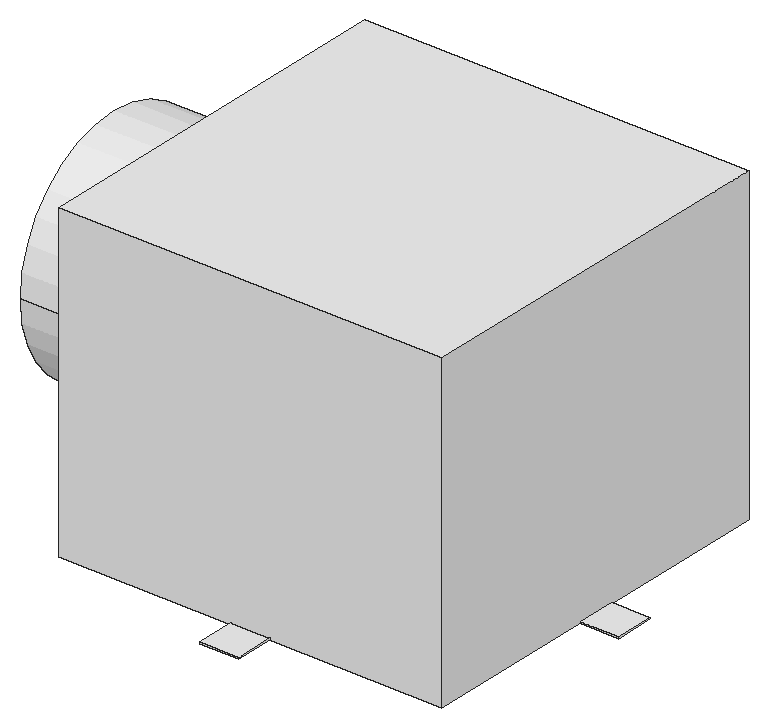
Revit family
Parameters (values of type "490*490 @ 300")
  d = A - B - 40.0 mm  # 150.0 mm
  Type Comments = "CFP Swirl Diffuser Plenum"  # constant formula
  Swirl Plenum = Galvanised Steel - Holyoake
  Spider Leg = yes
  NOTE [instance] = "Low profile avalaible, for further information please contact Holyoake."  # constant formula
  Model = "Swirl Plenum 500 / 12"
  Max Flow = 0.0 L/s
  Manufacturer = "Holyoake Industries Ltd"  # constant formula
  Insulation = INC Polyester - Holyoake
  F = 590.0 mm
  E = 490.0 mm
  D = d * 2  # 300.0 mm
  Created By = "Productspec Ltd"  # constant formula
  B = 210.0 mm
  Author = "Zinder Zhao"  # constant formula
  Air Flow [instance] = 0.0 L/s
  A = 400.0 mm
Types (16, lengths in mm): name | d | Spider Leg | Model | F | E | D | B | A
  (no name) | 150.0 | yes | "Swirl Plenum 500 / 12" | 590.0 | 490.0 | 300.0 | 210.0 | 400.0
  440*440 @ 300 | 150.0 | yes | "Swirl Plenum 450 / 12" | 590.0 | 440.0 | 300.0 | 210.0 | 400.0
  440*440 @ 350 | 175.0 | yes | "Swirl Plenum 450 / 12" | 590.0 | 440.0 | 350.0 | 235.0 | 450.0
  440*440 @ 250 | 125.0 | yes | "Swirl Plenum 450 / 12" | 590.0 | 440.0 | 250.0 | 185.0 | 350.0
  440*440 @ 200 | 100.0 | yes | "Swirl Plenum 450 / 12" | 590.0 | 440.0 | 200.0 | 160.0 | 300.0
  440*440 @ 150 | 75.0 | yes | "Swirl Plenum 450 / 12" | 590.0 | 440.0 | 150.0 | 140.0 | 255.0
  490*490 @ 350 | 175.0 | yes | "Swirl Plenum 500 / 12" | 590.0 | 490.0 | 350.0 | 235.0 | 450.0
  490*490 @ 300 | 150.0 | yes | "Swirl Plenum 500 / 12" | 590.0 | 490.0 | 300.0 | 210.0 | 400.0
  490*490 @ 250 | 125.0 | yes | "Swirl Plenum 500 / 12" | 590.0 | 490.0 | 250.0 | 185.0 | 350.0
  490*490 @ 200 | 100.0 | yes | "Swirl Plenum 500 / 12" | 590.0 | 490.0 | 200.0 | 160.0 | 300.0
  490*490 @ 150 | 75.0 | yes | "Swirl Plenum 500 / 12" | 590.0 | 490.0 | 150.0 | 140.0 | 255.0
  590*590 @ 350 | 175.0 | no | "Swirl Plenum 600 / 24" | 600.0 | 590.0 | 350.0 | 235.0 | 450.0
  590*590 @ 300 | 150.0 | no | "Swirl Plenum 600 / 24" | 600.0 | 590.0 | 300.0 | 210.0 | 400.0
  590*590 @ 250 | 125.0 | no | "Swirl Plenum 600 / 24" | 600.0 | 590.0 | 250.0 | 185.0 | 350.0
  590*590 @ 200 | 100.0 | no | "Swirl Plenum 600 / 24" | 600.0 | 590.0 | 200.0 | 160.0 | 300.0
  590*590 @ 150 | 75.0 | no | "Swirl Plenum 600 / 24" | 600.0 | 590.0 | 150.0 | 140.0 | 255.0
Reference planes
  plane 1 "Center (Front/Back)": y = 0
  plane 2 "Bottom": z = 0
  plane 3 "Center (Left/Right)": x = 0
  plane 4 "Front": y = -245
  plane 5: x = -245
  plane 6 "Back": y = 245
  plane 7: x = 245
  plane 8 "Inlet": x = -370
  plane 9 "Top": z = 400
  plane 10: z = 200
  plane 11: z = 373
  plane 12: z = 360
  plane 13: z = 210
  plane 14: z = 60
  plane 15: y = 295
  plane 16: y = -295
  plane 17: x = -295
  plane 18: x = 295
Forms (mm)
  Extrusion 1, solid, material "Galvanised Steel - Holyoake" <- "Swirl Plenum", detail levels medium+fine
    sketch origin (0, 0, 0) x (1, 0, 0) y (0, 1, 0)
      loop
        line (-245, 245) -> (-245, -245) -> (245, -245) -> (245, 245) -> (-245, 245)
      loop
        line (-243, -243) -> (243, -243) -> (243, 243) -> (-243, 243) -> (-243, -243)
    from 0 to 400 <- "A"
  Extrusion 2, solid, material "INC Polyester - Holyoake" <- "Insulation", detail levels medium+fine
    sketch origin (0, 0, 0) x (1, 0, 0) y (0, 1, 0)
      loop
        line (-243, -243) -> (243, -243) -> (243, 243) -> (-243, 243) -> (-243, -243)
      loop
        line (-218, -218) -> (218, -218) -> (218, 218) -> (-218, 218) -> (-218, -218)
    from 0 to 373
  Extrusion 3, solid, material "Galvanised Steel - Holyoake" <- "Swirl Plenum"
    sketch origin (-370, 0, 0) x (0, 1, 0) y (0, 0, 1)
      loop
        circle (0, 210) r 150
    from 0 to 125
  Extrusion 4, solid, material "INC Polyester - Holyoake" <- "Insulation", detail levels medium+fine
    sketch origin (0, 0, 400) x (0, 1, 0) y (-1, 0, 0)
      loop
        line (243, 243) -> (-243, 243) -> (-243, -243) -> (243, -243) -> (243, 243)
    from -27 to -2
  Extrusion 5, solid, material "Galvanised Steel - Holyoake" <- "Swirl Plenum", visible <- "Spider Leg", detail levels fine
    sketch origin (0, 0, 0) x (1, 0, 0) y (0, 1, 0)
      loop
        line (245, -25) -> (295, -25) -> (295, 25) -> (245, 25) -> (245, -25)
      loop
        line (-245, -25) -> (-245, 25) -> (-295, 25) -> (-295, -25) -> (-245, -25)
      loop
        line (-25, 245) -> (25, 245) -> (25, 295) -> (-25, 295) -> (-25, 245)
      loop
        line (-25, -245) -> (-25, -295) -> (25, -295) -> (25, -245) -> (-25, -245)
    from 0 to 2
  Extrusion 6, solid, material "Galvanised Steel - Holyoake" <- "Swirl Plenum", detail levels medium+fine
    sketch origin (0, 0, 400) x (0, 1, 0) y (-1, 0, 0)
      loop
        line (245, 245) -> (-245, 245) -> (-245, -245) -> (245, -245) -> (245, 245)
    from 0 to -2
  Extrusion 7, solid, material "Galvanised Steel - Holyoake" <- "Swirl Plenum", detail levels coarse
    sketch origin (0, 0, 0) x (1, 0, 0) y (0, 1, 0)
      loop
        line (-245, 245) -> (-245, -245) -> (245, -245) -> (245, 245) -> (-245, 245)
    from 0 to 400 <- "A"
Cuts and joins
  joined: Extrusion 2, Extrusion 4
  joined: Extrusion 1, Extrusion 6
Dimensions and locks
  locked: plane 8 "Inlet" to plane 5 at 125
  equal spacing: plane 5, plane 3 "Center (Left/Right)", plane 7
  "E": plane 5 to plane 7
  equal spacing: plane 6 "Back", plane 1 "Center (Front/Back)", plane 4 "Front"
  "E": plane 6 "Back" to plane 4 "Front"
  equal spacing: plane 9 "Top", plane 10, plane 2 "Bottom"
  "A": plane 9 "Top" to plane 2 "Bottom"
  locked: plane 9 "Top" to plane 11 at 27
  locked: plane 9 "Top" to plane 12 at 40
  "B": plane 13 to plane 2 "Bottom"
  "d": plane 13 to plane 14
  "F": plane 17 to plane 18
  equal spacing: plane 17, plane 3 "Center (Left/Right)", plane 18
  equal spacing: plane 16, plane 1 "Center (Front/Back)", plane 15
  "F": plane 16 to plane 15
  "d": radius of Extrusion 3 sketch curve
  aligned and locked: plane 5 to Extrusion 1 sketch curve
  aligned and locked: plane 6 "Back" to Extrusion 1 sketch curve
  aligned and locked: plane 4 "Front" to Extrusion 1 sketch curve
  aligned and locked: Extrusion 1 sketch curve to plane 7
  aligned and locked: Extrusion 2 sketch curve to Extrusion 1  (x4)
  aligned and locked: plane 5 to Extrusion 3
  aligned and locked: Extrusion 4 sketch curve to Extrusion 2  (x4)
  aligned and locked: plane 11 to Extrusion 2
  aligned and locked: Extrusion 4 to plane 11
  aligned and locked: plane 7 to Extrusion 5 sketch curve
  aligned and locked: plane 6 "Back" to Extrusion 5 sketch curve
  aligned and locked: plane 4 "Front" to Extrusion 5 sketch curve
  aligned and locked: plane 5 to Extrusion 5 sketch curve
  aligned and locked: Extrusion 6 sketch curve to Extrusion 1  (x3)
  aligned and locked: Extrusion 1 to Extrusion 6 sketch curve
  aligned and locked: plane 9 "Top" to Extrusion 6
  aligned and locked: Extrusion 7 sketch curve to cut or joined group of Extrusion 1, Extrusion 6  (x3)
  aligned and locked: cut or joined group of Extrusion 1, Extrusion 6 to Extrusion 7 sketch curve
  aligned and locked: plane 15 to Extrusion 5 sketch curve
  aligned and locked: plane 17 to Extrusion 5 sketch curve
  aligned and locked: Extrusion 5 sketch curve to plane 16
  aligned and locked: plane 18 to Extrusion 5 sketch curve
Automatic sketch dimensions
  plane 5 to Extrusion 1 sketch curve = 2.0 mm
  plane 6 "Back" to Extrusion 1 sketch curve = 2.0 mm
  Extrusion 1 sketch curve to plane 7 = 2.0 mm
  Extrusion 1 sketch curve to plane 4 "Front" = 2.0 mm
  Extrusion 2 sketch curve to Extrusion 2 sketch curve = 25.0 mm  (x3)
  Extrusion 2 sketch curve to plane 4 "Front" = 27.0 mm
  Extrusion 3 sketch curve to plane 1 "Center (Front/Back)" = 0.0 mm
  Extrusion 3 sketch curve to plane 13 = 0.0 mm
  Extrusion 5 sketch curve to plane 3 "Center (Left/Right)" = 25.0 mm  (x2)
  plane 3 "Center (Left/Right)" to Extrusion 5 sketch curve = 25.0 mm  (x2)
  plane 1 "Center (Front/Back)" to Extrusion 5 sketch curve = 25.0 mm  (x2)
  Extrusion 5 sketch curve to plane 1 "Center (Front/Back)" = 25.0 mm  (x2)
Connectors
  hvac at (-370, 0, 210), driven by "Air Flow", driven by "d"
    settings: on Extrusion 3, index 1
  hvac at (0, 0, 0), driven by "Air Flow", driven by "E", driven by "E"
    settings: on cut or joined group of Extrusion 1, Extrusion 6, index 2
